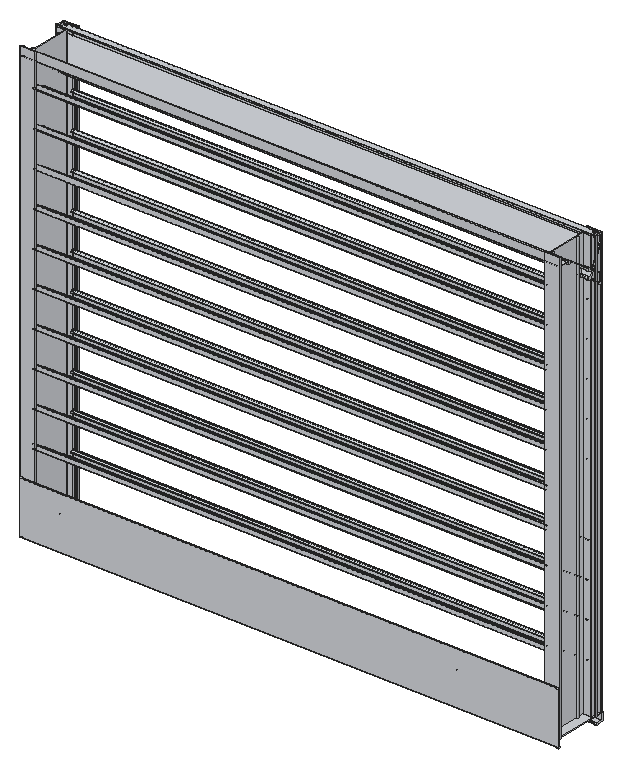
Revit family
Parameters (values of type "00000-Air Balance-013009-Ver1-A320")
  blade array = ((Height - 1 5/16" - 1 5/8") / 4") - 1  # 10
  URL = "www.airbalance.com"
  OmniClass Table 23 Title = "Exterior Louvers and Grilles"
  OmniClass Table 23 Code = "23-30 60 11 17"
  Model = "A320"
  Manufacturer = "Air Balance"
  Height = 48"
  Description = "Hurricane Louver"
  Default Sill Height = 36"
  Wall Closure = (empty or 0)
  Width = 60"
  Blade Width = Width - (1 1/4" * 2)  # 57 1/2"
  Assembly Code = ""
Reference planes (in)
  plane 1 "Center (Front/Back)": y = 0
  plane 2: z = 0
  plane 3 "Center (Left/Right)": x = 0
  plane 4 "Left": x = -30
  plane 5 "Right": x = 30
  plane 6 "Sill": z = 36
  plane 7 "Top": z = 84
  plane 8: z = 78.42874
  plane 9: y = 6
  plane 10: z = 37
  plane 11: x = -28.747
  plane 12: x = 28.753
  plane 13: y = 2.847
  plane 14: z = 74.42874
  plane 15: y = 5.847
Forms (in)
  Sweep 1, solid
    path in 3D
      loop
        line (-30, 6, 84) -> (-30, 6, 36)
    profile origin (-30, 6, 60) x (1, 0, 0) y (0, 1, 0)
      loop
        line (1.57543, 0.00021) -> (1.57543, -0.06179) -> (1.41743, -0.06179)
        arc (1.41743, -0.06179) -> (1.39693, -0.0533) -> (1.38843, -0.03279) r 0.029
        line (1.38843, -0.03279) -> (0.02543, -0.03279)
        arc (0.02543, -0.03279) -> (0.00043, -0.05779) -> (0.02543, -0.08279) r 0.025
        line (0.02543, -0.08279) -> (0.21843, -0.08279) -> (0.21843, -0.87679) -> (-0.04107, -0.87679)
        arc (-0.04107, -0.87679) -> (-0.08057, -0.91629) -> (-0.04107, -0.95579) r 0.0395
        line (-0.04107, -0.95579) -> (0.21843, -0.95579) -> (0.21843, -1.24279)
        arc (0.21843, -1.24279) -> (0.22751, -1.26471) -> (0.24943, -1.27379) r 0.031
        line (0.24943, -1.27379) -> (1.17444, -1.27379) -> (1.17444, -1.90778)
        arc (1.17444, -1.90778) -> (1.16256, -1.93219) -> (1.13601, -1.93788) r 0.031
        arc (1.13601, -1.93788) -> (0.97362, -2.01901) -> (1.02782, -2.19225) r 0.14
        arc (1.02782, -2.19225) -> (1.07599, -2.18141) -> (1.06518, -2.13323) r 0.03492
        arc (1.06518, -2.13323) -> (1.06894, -2.01199) -> (1.17336, -2.07372) r 0.07046
        line (1.17336, -2.07372) -> (1.17336, -5.57384)
        arc (1.17336, -5.57384) -> (1.06895, -5.63563) -> (1.06518, -5.51436) r 0.07046
        arc (1.06518, -5.51436) -> (1.07599, -5.46618) -> (1.02782, -5.45533) r 0.03493
        arc (1.02782, -5.45533) -> (0.97362, -5.62858) -> (1.13601, -5.7097) r 0.14
        arc (1.13601, -5.7097) -> (1.1626, -5.71543) -> (1.17444, -5.73992) r 0.031
        line (1.17444, -5.73992) -> (1.17444, -5.86979) -> (-0.03812, -5.86979)
        arc (-0.03812, -5.86979) -> (-0.07762, -5.90929) -> (-0.03812, -5.94879) r 0.0395
        line (-0.03812, -5.94879) -> (1.60343, -5.94879)
        arc (1.60343, -5.94879) -> (1.62843, -5.92379) -> (1.60343, -5.89879) r 0.025
        line (1.60343, -5.89879) -> (1.25344, -5.89879) -> (1.25344, -1.09279)
        arc (1.25344, -1.09279) -> (1.22844, -1.06779) -> (1.20344, -1.09279) r 0.025
        line (1.20344, -1.09279) -> (1.20344, -1.19479) -> (0.29743, -1.19479) -> (0.29743, -0.46679) -> (0.71393, -0.46679)
        arc (0.71393, -0.46679) -> (0.75343, -0.42729) -> (0.71393, -0.38779) r 0.0395
        line (0.71393, -0.38779) -> (0.29743, -0.38779) -> (0.29743, -0.11179) -> (1.15344, -0.11179) -> (1.15344, -0.20079)
        arc (1.15344, -0.20079) -> (1.17844, -0.22579) -> (1.20344, -0.20079) r 0.025
        line (1.20344, -0.20079) -> (1.20344, -0.11179) -> (1.63943, -0.11179)
        arc (1.63943, -0.11179) -> (1.66065, -0.103) -> (1.66943, -0.08179) r 0.03
        line (1.66943, -0.08179) -> (1.66943, -0.02979)
        arc (1.66943, -0.02979) -> (1.66065, -0.00858) -> (1.63943, 0.00021) r 0.03
        line (1.63943, 0.00021) -> (1.57543, 0.00021)
  Sweep 2, solid
    path in 3D
      loop
        line (30, 6, 36) -> (30, 6, 84)
    profile origin (30, 6, 60) x (0, 1, 0) y (-1, 0, 0)
      loop
        line (0.00236, 1.57538) -> (0.00236, 1.63938)
        arc (0.00236, 1.63938) -> (-0.00642, 1.66059) -> (-0.02764, 1.66938) r 0.03
        line (-0.02764, 1.66938) -> (-0.07964, 1.66938)
        arc (-0.07964, 1.66938) -> (-0.10085, 1.66059) -> (-0.10964, 1.63938) r 0.03
        line (-0.10964, 1.63938) -> (-0.10964, 1.20338) -> (-0.19864, 1.20338)
        arc (-0.19864, 1.20338) -> (-0.22364, 1.17838) -> (-0.19864, 1.15338) r 0.025
        line (-0.19864, 1.15338) -> (-0.10964, 1.15338) -> (-0.10964, 0.29738) -> (-0.38564, 0.29738) -> (-0.38564, 0.71388)
        arc (-0.38564, 0.71388) -> (-0.42514, 0.75338) -> (-0.46464, 0.71388) r 0.0395
        line (-0.46464, 0.71388) -> (-0.46464, 0.29738) -> (-1.19264, 0.29738) -> (-1.19264, 1.20338) -> (-1.09064, 1.20338)
        arc (-1.09064, 1.20338) -> (-1.06564, 1.22838) -> (-1.09064, 1.25338) r 0.025
        line (-1.09064, 1.25338) -> (-5.89664, 1.25338) -> (-5.89664, 1.60338)
        arc (-5.89664, 1.60338) -> (-5.92164, 1.62838) -> (-5.94664, 1.60338) r 0.025
        line (-5.94664, 1.60338) -> (-5.94664, -0.03817)
        arc (-5.94664, -0.03817) -> (-5.90714, -0.07767) -> (-5.86764, -0.03817) r 0.0395
        line (-5.86764, -0.03817) -> (-5.86764, 1.17438) -> (-5.73777, 1.17438)
        arc (-5.73777, 1.17438) -> (-5.71328, 1.16254) -> (-5.70755, 1.13595) r 0.031
        arc (-5.70755, 1.13595) -> (-5.62642, 0.97356) -> (-5.45318, 1.02776) r 0.14
        arc (-5.45318, 1.02776) -> (-5.46402, 1.07594) -> (-5.51221, 1.06512) r 0.03493
        arc (-5.51221, 1.06512) -> (-5.63347, 1.06889) -> (-5.57168, 1.1733) r 0.07046
        line (-5.57168, 1.1733) -> (-2.07157, 1.1733)
        arc (-2.07157, 1.1733) -> (-2.00983, 1.06888) -> (-2.13108, 1.06512) r 0.07046
        arc (-2.13108, 1.06512) -> (-2.17925, 1.07593) -> (-2.1901, 1.02777) r 0.03492
        arc (-2.1901, 1.02777) -> (-2.01685, 0.97357) -> (-1.93573, 1.13596) r 0.14
        arc (-1.93573, 1.13596) -> (-1.93003, 1.1625) -> (-1.90563, 1.17439) r 0.031
        line (-1.90563, 1.17439) -> (-1.27164, 1.17439) -> (-1.27164, 0.24938)
        arc (-1.27164, 0.24938) -> (-1.26256, 0.22746) -> (-1.24064, 0.21838) r 0.031
        line (-1.24064, 0.21838) -> (-0.95364, 0.21838) -> (-0.95364, -0.04112)
        arc (-0.95364, -0.04112) -> (-0.91414, -0.08062) -> (-0.87464, -0.04112) r 0.0395
        line (-0.87464, -0.04112) -> (-0.87464, 0.21838) -> (-0.08064, 0.21838) -> (-0.08064, 0.02538)
        arc (-0.08064, 0.02538) -> (-0.05564, 0.00038) -> (-0.03064, 0.02538) r 0.025
        line (-0.03064, 0.02538) -> (-0.03064, 1.38838)
        arc (-0.03064, 1.38838) -> (-0.05114, 1.39687) -> (-0.05964, 1.41738) r 0.029
        line (-0.05964, 1.41738) -> (-0.05964, 1.57538) -> (0.00236, 1.57538)
  Sweep 3, solid
    path in 3D
      loop
        line (-30, 6, 36) -> (30, 6, 36)
    profile origin (0, 6, 36) x (0, 1, 0) y (0, 0, 1)
      loop
        line (-5.99973, 0.079) -> (-5.99973, 5.02852)
        arc (-5.99973, 5.02852) -> (-6.03936, 5.06816) -> (-6.079, 5.02852) r 0.03964
        line (-6.079, 5.02852) -> (-6.079, -0.891)
        arc (-6.079, -0.891) -> (-6.07021, -0.91221) -> (-6.049, -0.921) r 0.03
        line (-6.049, -0.921) -> (-5.942, -0.921)
        arc (-5.942, -0.921) -> (-5.917, -0.896) -> (-5.942, -0.871) r 0.025
        line (-5.942, -0.871) -> (-6, -0.871) -> (-6, 0) -> (0.00025, 0) -> (0.00025, -0.763) -> (-0.71875, -0.763)
        arc (-0.71875, -0.763) -> (-0.74067, -0.77208) -> (-0.74975, -0.794) r 0.031
        line (-0.74975, -0.794) -> (-0.74975, -0.8825)
        arc (-0.74975, -0.8825) -> (-0.71125, -0.921) -> (-0.67275, -0.8825) r 0.0385
        line (-0.67275, -0.8825) -> (-0.67275, -0.84) -> (0.04725, -0.84)
        arc (0.04725, -0.84) -> (0.06846, -0.83121) -> (0.07725, -0.81) r 0.03
        line (0.07725, -0.81) -> (0.07725, 0.049)
        arc (0.07725, 0.049) -> (0.06846, 0.07021) -> (0.04725, 0.079) r 0.03
        line (0.04725, 0.079) -> (-5.99973, 0.079)
  Sweep 4, solid
    path in 3D
      loop
        line (30, 6, 84) -> (-30, 6, 84)
    profile origin (0, 6, 84) x (0, 1, 0) y (0, 0, -1)
      loop
        line (-1.80623, 2.91032) -> (-4.53585, 0.99902)
        arc (-4.53585, 0.99902) -> (-4.64551, 1.04806) -> (-4.55047, 1.12154) r 0.07
        arc (-4.55047, 1.12154) -> (-4.50505, 1.14114) -> (-4.5246, 1.18658) r 0.035
        arc (-4.5246, 1.18658) -> (-4.66713, 1.16264) -> (-4.71254, 1.02543) r 0.14
        arc (-4.71254, 1.02543) -> (-4.71875, 0.99839) -> (-4.74375, 0.98636) r 0.032
        line (-4.74375, 0.98636) -> (-5.84, 0.98636)
        arc (-5.84, 0.98636) -> (-5.86121, 0.97757) -> (-5.87, 0.95636) r 0.03
        line (-5.87, 0.95636) -> (-5.87, 0.02486)
        arc (-5.87, 0.02486) -> (-5.8315, -0.01364) -> (-5.793, 0.02486) r 0.0385
        line (-5.793, 0.02486) -> (-5.793, 0.90936) -> (-4.52965, 0.90936) -> (-1.28536, 3.18104) -> (-0.23, 0.95968) -> (-0.23, 0.17097) -> (-0.988, 0.17097) -> (-0.988, 0.025)
        arc (-0.988, 0.025) -> (-0.98068, 0.00732) -> (-0.963, 0) r 0.025
        arc (-0.963, 0) -> (-0.94532, 0.00732) -> (-0.938, 0.025) r 0.025
        line (-0.938, 0.025) -> (-0.938, 0.081) -> (-0.183, 0.081)
        arc (-0.183, 0.081) -> (-0.16179, 0.08979) -> (-0.153, 0.111) r 0.03
        line (-0.153, 0.111) -> (-0.153, 0.97704) -> (-1.58036, 3.98142) -> (-0.23, 5.07493) -> (-0.23, 4.02486)
        arc (-0.23, 4.02486) -> (-0.1915, 3.98571) -> (-0.153, 4.02486) r 0.03851
        line (-0.153, 4.02486) -> (-0.153, 5.23636) -> (-1.61357, 4.05361)
        arc (-1.61357, 4.05361) -> (-1.63005, 4.04669) -> (-1.64766, 4.04968) r 0.032
        arc (-1.64766, 4.04968) -> (-1.84098, 3.96949) -> (-1.73864, 3.78692) r 0.14
        arc (-1.73864, 3.78692) -> (-1.69696, 3.81362) -> (-1.72366, 3.8553) r 0.035
        arc (-1.72366, 3.8553) -> (-1.77148, 3.95459) -> (-1.66363, 3.97726) r 0.07
        line (-1.66363, 3.97726) -> (-1.31887, 3.25158) -> (-1.66896, 3.00644)
        arc (-1.66896, 3.00644) -> (-1.77849, 3.05572) -> (-1.68335, 3.12902) r 0.07
        arc (-1.68335, 3.12902) -> (-1.63797, 3.14878) -> (-1.65773, 3.19416) r 0.035
        arc (-1.65773, 3.19416) -> (-1.82788, 3.13776) -> (-1.80307, 2.96023) r 0.14
        arc (-1.80307, 2.96023) -> (-1.79265, 2.93451) -> (-1.80623, 2.91032) r 0.032
Lines and regions (in)
  Opening 1
    outline origin (-60, -6, 0) x (1, 0, 0) y (0, 0, 1)
      loop
        line (30, 84) -> (30, 36) -> (90, 36) -> (90, 84) -> (30, 84)
  sketch lines
    curve 1: line (-30, 6, 84) -> (-30, 6, 36)
    curve 2: line (30, 6, 36) -> (30, 6, 84)
    curve 3: line (-30, 6, 36) -> (30, 6, 36)
    curve 4: line (30, 6, 84) -> (-30, 6, 84)
Text (in)
  text "EXTERIOR" at (-92.48085, 50.90694, 0), in view "Ref. Level"
  text "INTERIOR" at (-92.48085, -37.76638, 0), in view "Ref. Level"
  text "Exterior" at (0, 43.65631, 123.19604), in view "Left"
  text "Exterior" at (0, 18.29385, 125.04747), in view "Right"
Dimensions and locks (in)
  equal spacing: plane 4 "Left", plane 3 "Center (Left/Right)", plane 5 "Right"
  "Width": plane 4 "Left" to plane 5 "Right"
  "Height": plane 6 "Sill" to plane 7 "Top"
  "Default Sill Height": plane 2 to plane 6 "Sill"
  plane 6 "Sill" to plane 7 "Top" = 48"
  plane 4 "Left" to plane 5 "Right" = 60"
  locked: plane 4 "Left" to plane 11 at 1.253
  locked: plane 12 to plane 5 "Right" at 1.247
  locked: plane 14 to plane 8 at 4
  locked: plane 8 to plane 7 "Top" at 5.57126
  locked: host wall to plane 9 at 0
  locked: plane 15 to host wall at 0.153
  equal spacing: group 1, group 2, group 3, group 4, group 5, group 6, group 7, group 8, group 9, group 10  (x2)
  equal spacing: group 10, group 9, group 8, group 7, group 6, group 5, group 4, group 3, group 2, group 1
  plane 9 to plane 15 = 0.153"
  plane 9 to host wall = 0"
  aligned and locked: plane 7 "Top" to Opening 1 sketch curve
  aligned and locked: plane 6 "Sill" to Opening 1 sketch curve  (x2)
  aligned and locked: plane 5 "Right" to Opening 1 sketch curve
  aligned and locked: plane 4 "Left" to Opening 1 sketch curve
  aligned and locked: plane 8 to nested 1
  aligned and locked: plane 15 to nested 1
  aligned and locked: nested 1 to nested 1
  aligned and locked: nested 1 to nested 2
  aligned and locked: plane 14 to nested 2
  aligned and locked: nested 1 to plane 15
  aligned and locked: nested 2 to plane 15
Automatic sketch dimensions
  Sweep 1 sketch curve to profile plane = 0.04107"
  Sweep 1 sketch curve to profile plane = 0.03812"
  profile plane to Sweep 1 sketch curve = 0.02543"
  profile plane to Sweep 1 sketch curve = 0.21843"
  profile plane to Sweep 1 sketch curve = 0.08279"
  Sweep 1 sketch curve to Sweep 1 sketch curve = 0.193"
  Sweep 1 sketch curve to Sweep 1 sketch curve = 0.031"  (x3)
  Sweep 1 sketch curve to Sweep 1 sketch curve = 0.048"  (x2)
  Sweep 1 sketch curve to Sweep 1 sketch curve = 0.079"
  Sweep 1 sketch curve to Sweep 1 sketch curve = 0.4165"
  profile plane to Sweep 1 sketch curve = 1.02782"  (x2)
  Sweep 1 sketch curve to Sweep 1 sketch curve = 0.01866"  (x2)
  Sweep 1 sketch curve to Sweep 1 sketch curve = 0.0187"  (x2)
  Sweep 1 sketch curve to Sweep 1 sketch curve = 0"  (x5)
  Sweep 1 sketch curve to Sweep 1 sketch curve = 0.03728"  (x2)
  Sweep 1 sketch curve to Sweep 1 sketch curve = 0.00044"  (x2)
  Sweep 1 sketch curve to Sweep 1 sketch curve = 0.03312"
  Sweep 1 sketch curve to Sweep 1 sketch curve = 0.03311"
  Sweep 1 sketch curve to Sweep 1 sketch curve = 0.00743"  (x2)
  profile plane to Sweep 1 sketch curve = 0.20079"
  Sweep 1 sketch curve to Sweep 1 sketch curve = 0.4395"
  Sweep 1 sketch curve to Sweep 1 sketch curve = 0.07046"
  Sweep 1 sketch curve to Sweep 1 sketch curve = 0.025"  (x2)
  Sweep 1 sketch curve to Sweep 1 sketch curve = 0.029"  (x3)
  profile plane to Sweep 1 sketch curve = 0.03279"
  Sweep 1 sketch curve to Sweep 1 sketch curve = 0.185"
  profile plane to Sweep 1 sketch curve = 0.06179"
  Sweep 1 sketch curve to Sweep 1 sketch curve = 0.158"
  Sweep 1 sketch curve to Sweep 1 sketch curve = 0.35"
  Sweep 1 sketch curve to Sweep 1 sketch curve = 0.064"  (x2)
  Sweep 1 sketch curve to profile plane = 0.00021"
  Sweep 1 sketch curve to Sweep 1 sketch curve = 0.03"
  profile plane to Sweep 1 sketch curve = 0.38779"
  Sweep 1 sketch curve to Sweep 1 sketch curve = 0.0395"  (x3)
  Sweep 1 sketch curve to Sweep 1 sketch curve = 0.41"
  Sweep 1 sketch curve to Sweep 1 sketch curve = 0.626"
  Sweep 1 sketch curve to Sweep 1 sketch curve = 0.239"
  Sweep 1 sketch curve to Sweep 1 sketch curve = 0.63399"
  Sweep 1 sketch curve to Sweep 1 sketch curve = 3.26308"
  Sweep 1 sketch curve to Sweep 1 sketch curve = 0.02953"
  Sweep 1 sketch curve to Sweep 1 sketch curve = 0.0001"
  Sweep 1 sketch curve to Sweep 1 sketch curve = 0.41446"
  Sweep 1 sketch curve to Sweep 1 sketch curve = 0.05"
  Sweep 2 sketch curve to profile plane = 0.03817"
  profile plane to Sweep 2 sketch curve = 5.94664"
  Sweep 2 sketch curve to Sweep 2 sketch curve = 0.025"  (x4)
  Sweep 2 sketch curve to Sweep 2 sketch curve = 0.0395"  (x3)
  Sweep 2 sketch curve to Sweep 2 sketch curve = 0.12987"
  Sweep 2 sketch curve to Sweep 2 sketch curve = 0.00012"
  Sweep 2 sketch curve to Sweep 2 sketch curve = 0.0301"  (x2)
  Sweep 2 sketch curve to Sweep 2 sketch curve = 0"  (x6)
  Sweep 2 sketch curve to Sweep 2 sketch curve = 0.13582"
  Sweep 2 sketch curve to Sweep 2 sketch curve = 0.00004"
  Sweep 2 sketch curve to Sweep 2 sketch curve = 0.0001"
  Sweep 2 sketch curve to Sweep 2 sketch curve = 0.05942"
  Sweep 2 sketch curve to Sweep 2 sketch curve = 0.0295"  (x2)
  Sweep 2 sketch curve to Sweep 2 sketch curve = 0.02953"
  profile plane to Sweep 2 sketch curve = 1.02777"
  profile plane to Sweep 2 sketch curve = 2.1901"
  Sweep 2 sketch curve to Sweep 2 sketch curve = 0.02952"
  Sweep 2 sketch curve to Sweep 2 sketch curve = 0.05943"
  Sweep 2 sketch curve to Sweep 2 sketch curve = 0.00008"
  Sweep 2 sketch curve to Sweep 2 sketch curve = 0.13584"
  Sweep 2 sketch curve to Sweep 2 sketch curve = 0.63399"
  Sweep 2 sketch curve to Sweep 2 sketch curve = 0.031"
  Sweep 2 sketch curve to Sweep 2 sketch curve = 0.079"  (x2)
  Sweep 2 sketch curve to Sweep 2 sketch curve = 0.102"
  Sweep 2 sketch curve to profile plane = 0.04112"
  Sweep 2 sketch curve to Sweep 2 sketch curve = 0.287"
  profile plane to Sweep 2 sketch curve = 0.46464"
  profile plane to Sweep 2 sketch curve = 0.19864"
  profile plane to Sweep 2 sketch curve = 0.10964"
  profile plane to Sweep 2 sketch curve = 0.08064"
  Sweep 2 sketch curve to Sweep 2 sketch curve = 0.03"
  profile plane to Sweep 2 sketch curve = 0.05964"
  profile plane to Sweep 2 sketch curve = 0.02764"
  Sweep 2 sketch curve to profile plane = 0.00236"
  profile plane to Sweep 2 sketch curve = 0.02538"
  profile plane to Sweep 2 sketch curve = 0.21838"
  Sweep 2 sketch curve to Sweep 2 sketch curve = 0.193"
  Sweep 2 sketch curve to Sweep 2 sketch curve = 0.048"
  Sweep 2 sketch curve to Sweep 2 sketch curve = 0.4165"
  profile plane to Sweep 2 sketch curve = 1.02776"
  Sweep 2 sketch curve to Sweep 2 sketch curve = 0.01866"
  Sweep 2 sketch curve to Sweep 2 sketch curve = 0.00044"  (x2)
  Sweep 2 sketch curve to Sweep 2 sketch curve = 0.4395"
  Sweep 2 sketch curve to Sweep 2 sketch curve = 0.029"
  Sweep 2 sketch curve to Sweep 2 sketch curve = 0.185"
  Sweep 2 sketch curve to Sweep 2 sketch curve = 0.158"
  Sweep 2 sketch curve to Sweep 2 sketch curve = 0.35"
  Sweep 2 sketch curve to Sweep 2 sketch curve = 0.064"
  profile plane to Sweep 3 sketch curve = 6.079"
  Sweep 3 sketch curve to Sweep 3 sketch curve = 0.03"  (x2)
  Sweep 3 sketch curve to Sweep 3 sketch curve = 0.03964"
  Sweep 3 sketch curve to Sweep 3 sketch curve = 0.00027"
  Sweep 3 sketch curve to Sweep 3 sketch curve = 0.058"
  Sweep 3 sketch curve to Sweep 3 sketch curve = 5.19225"
  Sweep 3 sketch curve to Sweep 3 sketch curve = 0.031"
  Sweep 3 sketch curve to Sweep 3 sketch curve = 0.0385"
  Sweep 3 sketch curve to Sweep 3 sketch curve = 0.673"
  Sweep 3 sketch curve to Sweep 3 sketch curve = 0.047"  (x3)
  profile plane to Sweep 3 sketch curve = 0.049"
  Sweep 3 sketch curve to Sweep 3 sketch curve = 0.049"
  Sweep 3 sketch curve to Sweep 3 sketch curve = 0.763"
  Sweep 3 sketch curve to Sweep 3 sketch curve = 0.871"
  Sweep 3 sketch curve to Sweep 3 sketch curve = 0.0425"
  Sweep 3 sketch curve to Sweep 3 sketch curve = 0.02"
  Sweep 3 sketch curve to Sweep 3 sketch curve = 4.94952"
  Sweep 4 sketch curve to Sweep 4 sketch curve = 0"  (x12)
  profile plane to Sweep 4 sketch curve = 0.95636"
  profile plane to Sweep 4 sketch curve = 5.87"
  Sweep 4 sketch curve to Sweep 4 sketch curve = 0.03"  (x2)
  Sweep 4 sketch curve to Sweep 4 sketch curve = 0.0385"  (x2)
  profile plane to Sweep 4 sketch curve = 1.01836"
  Sweep 4 sketch curve to Sweep 4 sketch curve = 1.04925"
  Sweep 4 sketch curve to Sweep 4 sketch curve = 0.03121"
  Sweep 4 sketch curve to Sweep 4 sketch curve = 0.13654"
  Sweep 4 sketch curve to Sweep 4 sketch curve = 0.02553"
  Sweep 4 sketch curve to Sweep 4 sketch curve = 0.0129"
  profile plane to Sweep 4 sketch curve = 0.99902"
  Sweep 4 sketch curve to Sweep 4 sketch curve = 0.04015"
  profile plane to Sweep 4 sketch curve = 0.90936"
  Sweep 4 sketch curve to Sweep 4 sketch curve = 0.0062"
  Sweep 4 sketch curve to Sweep 4 sketch curve = 0.01297"
  Sweep 4 sketch curve to Sweep 4 sketch curve = 2.70001"
  Sweep 4 sketch curve to Sweep 4 sketch curve = 0.01835"
  Sweep 4 sketch curve to Sweep 4 sketch curve = 0.02151"
  Sweep 4 sketch curve to Sweep 4 sketch curve = 0.06443"
  Sweep 4 sketch curve to Sweep 4 sketch curve = 0.00749"  (x2)
  Sweep 4 sketch curve to Sweep 4 sketch curve = 0.09411"
  Sweep 4 sketch curve to Sweep 4 sketch curve = 0.01497"
  Sweep 4 sketch curve to Sweep 4 sketch curve = 0.02562"
  Sweep 4 sketch curve to Sweep 4 sketch curve = 0.01281"  (x2)
  profile plane to Sweep 4 sketch curve = 3.00644"
  Sweep 4 sketch curve to Sweep 4 sketch curve = 0.04001"
  Sweep 4 sketch curve to Sweep 4 sketch curve = 0.04505"
  Sweep 4 sketch curve to Sweep 4 sketch curve = 0.01597"
  Sweep 4 sketch curve to Sweep 4 sketch curve = 0.01395"
  profile plane to Sweep 4 sketch curve = 4.05361"
  Sweep 4 sketch curve to Sweep 4 sketch curve = 0.02014"
  profile plane to Sweep 4 sketch curve = 3.98142"
  Sweep 4 sketch curve to Sweep 4 sketch curve = 0.03321"
  profile plane to Sweep 4 sketch curve = 3.25158"
  Sweep 4 sketch curve to Sweep 4 sketch curve = 0.33886"
  profile plane to Sweep 4 sketch curve = 3.18104"
  Sweep 4 sketch curve to Sweep 4 sketch curve = 0.03351"
  Sweep 4 sketch curve to Sweep 4 sketch curve = 0.81823"
  Sweep 4 sketch curve to Sweep 4 sketch curve = 0.025"
  Sweep 4 sketch curve to Sweep 4 sketch curve = 0.708"
  profile plane to Sweep 4 sketch curve = 5.07493"
  Sweep 4 sketch curve to Sweep 4 sketch curve = 1.38357"
  Sweep 4 sketch curve to Sweep 4 sketch curve = 0.047"
  Sweep 4 sketch curve to Sweep 4 sketch curve = 0.077"
  profile plane to Sweep 4 sketch curve = 0.17097"
  Sweep 4 sketch curve to Sweep 4 sketch curve = 0.05997"
  Sweep 4 sketch curve to Sweep 4 sketch curve = 0.056"
  profile plane to Sweep 4 sketch curve = 0.02486"
  profile plane to Sweep 4 sketch curve = 0.95968"
  Sweep 4 sketch curve to Sweep 4 sketch curve = 0.01736"
  Sweep 4 sketch curve to Sweep 4 sketch curve = 0.09612"
  Sweep 4 sketch curve to Sweep 4 sketch curve = 0.1945"
  Sweep 4 sketch curve to Sweep 4 sketch curve = 1.05071"
  Sweep 4 sketch curve to Sweep 4 sketch curve = 0.00064"
  Sweep 4 sketch curve to Sweep 4 sketch curve = 0.16143"
Nested families (in)
  nested 1: "A320 LOUVER" at (0, 5.847, 76.77312), width <- "Blade Width", type "Family3"
    with width 57 1/2", Blade Material none
  nested 2: "A320 LOUVER" at (0, 5.847, 72.77312), width <- "Blade Width", type "Family3"
    with width 57 1/2", Blade Material none
  nested 3: "A320 LOUVER" at (0, 5.847, 68.77312), width <- "Blade Width", type "Family3"
    with width 57 1/2", Blade Material none
  nested 4: "A320 LOUVER" at (0, 5.847, 64.77312), width <- "Blade Width", type "Family3"
    with width 57 1/2", Blade Material none
  nested 5: "A320 LOUVER" at (0, 5.847, 60.77312), width <- "Blade Width", type "Family3"
    with width 57 1/2", Blade Material none
  nested 6: "A320 LOUVER" at (0, 5.847, 56.77312), width <- "Blade Width", type "Family3"
    with width 57 1/2", Blade Material none
  nested 7: "A320 LOUVER" at (0, 5.847, 52.77312), width <- "Blade Width", type "Family3"
    with width 57 1/2", Blade Material none
  nested 8: "A320 LOUVER" at (0, 5.847, 48.77312), width <- "Blade Width", type "Family3"
    with width 57 1/2", Blade Material none
  nested 9: "A320 LOUVER" at (0, 5.847, 44.77312), width <- "Blade Width", type "Family3"
    with width 57 1/2", Blade Material none
  nested 10: "A320 LOUVER" at (0, 5.847, 40.77312), width <- "Blade Width", type "Family3"
    with width 57 1/2", Blade Material none
Definition of nested family "A320 LOUVER"
  Parameters (values of type "Family3")
    width [instance] = 34 1/4"
    Blade Material [instance] = none
    Assembly Code = ""
  Reference planes (in)
    plane 1 "Center (Front/Back)": y = 0
    plane 2: z = 0
    plane 3 "Center (Left/Right)": x = 0
    plane 4: x = -17.125
    plane 5: x = 17.125
    plane 6: z = 1.65562
    plane 7: y = -5.717
    plane 8: z = 4
  Forms (in)
    Extrusion 1, solid, material <- "Blade Material"
      sketch origin (0, -2.41431, -71.76604) x (0, 1, 0) y (0, 0, 1)
        loop
          line (-0.16027, 73.56877) -> (0.7779, 72.91186)
          arc (0.7779, 72.91186) -> (0.79151, 72.88719) -> (0.78034, 72.86132) r 0.032
          arc (0.78034, 72.86132) -> (0.7572, 72.70548) -> (0.90836, 72.66104) r 0.12
          arc (0.90836, 72.66104) -> (0.92065, 72.69419) -> (0.8875, 72.70648) r 0.025
          arc (0.8875, 72.70648) -> (0.78858, 72.77625) -> (0.89819, 72.82763) r 0.07
          line (0.89819, 72.82763) -> (2.41431, 71.76604) -> (2.41431, 72.64204)
          arc (2.41431, 72.64204) -> (2.381, 72.697) -> (2.31686, 72.6929) r 0.062
          line (2.31686, 72.6929) -> (2.08001, 72.52706)
          arc (2.08001, 72.52706) -> (2.07412, 72.49363) -> (2.10754, 72.48774) r 0.024
          line (2.10754, 72.48774) -> (2.3137, 72.6321)
          arc (2.3137, 72.6321) -> (2.32923, 72.63311) -> (2.33731, 72.61981) r 0.015
          line (2.33731, 72.61981) -> (2.33731, 71.94277)
          arc (2.33731, 71.94277) -> (2.32923, 71.92946) -> (2.3137, 71.93048) r 0.015
          line (2.3137, 71.93048) -> (-1.94554, 74.91284) -> (-3.22569, 75.25802) -> (-3.22569, 75.72754)
          arc (-3.22569, 75.72754) -> (-3.26419, 75.76604) -> (-3.30269, 75.72754) r 0.0385
          line (-3.30269, 75.72754) -> (-3.30269, 75.22278)
          arc (-3.30269, 75.22278) -> (-3.2963, 75.20393) -> (-3.27976, 75.19285) r 0.031
          line (-3.27976, 75.19285) -> (-1.9905, 74.84521)
          arc (-1.9905, 74.84521) -> (-1.96841, 74.7204) -> (-2.0785, 74.78322) r 0.07
          arc (-2.0785, 74.78322) -> (-2.10134, 74.81025) -> (-2.12833, 74.78736) r 0.025
          arc (-2.12833, 74.78736) -> (-2.03488, 74.6605) -> (-1.89634, 74.73555) r 0.12
          arc (-1.89634, 74.73555) -> (-1.87586, 74.7549) -> (-1.84802, 74.75055) r 0.032
          line (-1.84802, 74.75055) -> (-0.72712, 73.96569)
          arc (-0.72712, 73.96569) -> (-0.70121, 73.92502) -> (-0.71165, 73.87794) r 0.063
          line (-0.71165, 73.87794) -> (-0.67551, 73.92955) -> (-0.21187, 73.60491) -> (-0.24801, 73.5533)
          arc (-0.24801, 73.5533) -> (-0.20734, 73.57921) -> (-0.16027, 73.56877) r 0.063
      from -17.125 to 17.125
  Dimensions and locks (in)
    equal spacing: plane 4, plane 3 "Center (Left/Right)", plane 5
    "width": plane 4 to plane 5
    aligned and locked: plane 4 to Extrusion 1
    aligned and locked: plane 5 to Extrusion 1
  Automatic sketch dimensions
    Extrusion 1 sketch curve to Extrusion 1 sketch curve = 0"  (x12)
    plane 1 "Center (Front/Back)" to Extrusion 1 sketch curve = 3.08982"
    Extrusion 1 sketch curve to Extrusion 1 sketch curve = 0.03613"
    Extrusion 1 sketch curve to Extrusion 1 sketch curve = 0.05161"  (x5)
    Extrusion 1 sketch curve to Extrusion 1 sketch curve = 0.03614"  (x4)
    Extrusion 1 sketch curve to Extrusion 1 sketch curve = 1.1209"
    Extrusion 1 sketch curve to Extrusion 1 sketch curve = 0.01835"  (x2)
    Extrusion 1 sketch curve to Extrusion 1 sketch curve = 0.02997"
    Extrusion 1 sketch curve to Extrusion 1 sketch curve = 0.04496"
    Extrusion 1 sketch curve to Extrusion 1 sketch curve = 0.01822"
    Extrusion 1 sketch curve to Extrusion 1 sketch curve = 0.06978"
    Extrusion 1 sketch curve to Extrusion 1 sketch curve = 0.02491"
    Extrusion 1 sketch curve to Extrusion 1 sketch curve = 1.09736"
    Extrusion 1 sketch curve to Extrusion 1 sketch curve = 0.0385"
    Extrusion 1 sketch curve to Extrusion 1 sketch curve = 0.046"
    Extrusion 1 sketch curve to Extrusion 1 sketch curve = 0.00807"
    Extrusion 1 sketch curve to Extrusion 1 sketch curve = 0.031"
    plane 1 "Center (Front/Back)" to Extrusion 1 sketch curve = 2.66232"
    Extrusion 1 sketch curve to Extrusion 1 sketch curve = 0.02079"
    Extrusion 1 sketch curve to Extrusion 1 sketch curve = 0.01043"  (x2)
    Extrusion 1 sketch curve to Extrusion 1 sketch curve = 0.01377"  (x2)
    Extrusion 1 sketch curve to Extrusion 1 sketch curve = 0.20616"  (x2)
    Extrusion 1 sketch curve to Extrusion 1 sketch curve = 0.00316"
    Extrusion 1 sketch curve to Extrusion 1 sketch curve = 0.0086"  (x2)
    Extrusion 1 sketch curve to Extrusion 1 sketch curve = 0.015"  (x2)
    Extrusion 1 sketch curve to Extrusion 1 sketch curve = 0.062"
    Extrusion 1 sketch curve to Extrusion 1 sketch curve = 0.03369"
    Extrusion 1 sketch curve to Extrusion 1 sketch curve = 0.00994"
    Extrusion 1 sketch curve to Extrusion 1 sketch curve = 0.10504"
    Extrusion 1 sketch curve to Extrusion 1 sketch curve = 0.01966"
    Extrusion 1 sketch curve to Extrusion 1 sketch curve = 0.54497"
    Extrusion 1 sketch curve to Extrusion 1 sketch curve = 0.16444"
    Extrusion 1 sketch curve to Extrusion 1 sketch curve = 0.63152"
    Extrusion 1 sketch curve to Extrusion 1 sketch curve = 0.32464"
    Extrusion 1 sketch curve to Extrusion 1 sketch curve = 0.81026"
    Extrusion 1 sketch curve to Extrusion 1 sketch curve = 0.01122"
    Extrusion 1 sketch curve to Extrusion 1 sketch curve = 0.00414"
    Extrusion 1 sketch curve to Extrusion 1 sketch curve = 0.00203"
    Extrusion 1 sketch curve to Extrusion 1 sketch curve = 0.06763"
    Extrusion 1 sketch curve to Extrusion 1 sketch curve = 0.40549"
    Extrusion 1 sketch curve to Extrusion 1 sketch curve = 0.03524"
    Extrusion 1 sketch curve to Extrusion 1 sketch curve = 0.46951"
    Extrusion 1 sketch curve to Extrusion 1 sketch curve = 0.0492"
    plane 1 "Center (Front/Back)" to Extrusion 1 sketch curve = 1.65476"
    Extrusion 1 sketch curve to Extrusion 1 sketch curve = 0.07797"
    Extrusion 1 sketch curve to Extrusion 1 sketch curve = 0.0292"
    Extrusion 1 sketch curve to Extrusion 1 sketch curve = 1.17165"
    level to Extrusion 1 sketch curve = 0"
    Extrusion 1 sketch curve to Extrusion 1 sketch curve = 0.13398"
